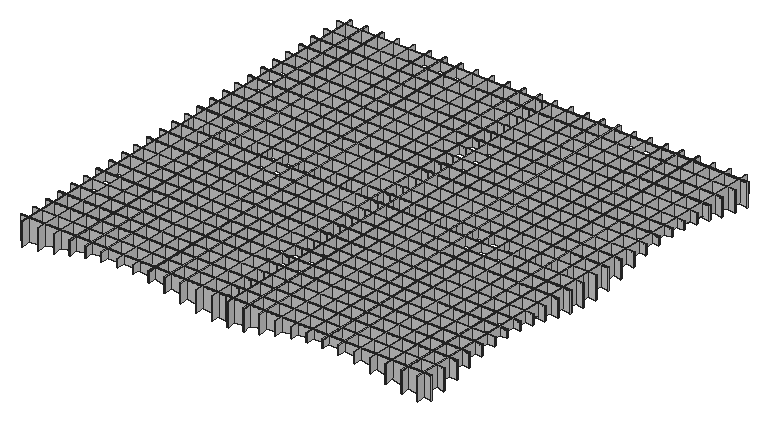
Revit family "CLD-WFL-002_RFA", category Modelos genéricos, Revit 2022 (continued)
Forms (in)
  Extrusion 186, solid, not visible
    sketch origin (28.83678, 104.20833, 0) x (0, -1, 0) y (0, 0, 1)
      loop
        spline (12.69122, 5.42966) -> (13.34952, 5.43128) -> (14.00673, 5.42829) -> (14.66285, 5.42076) -> (15.31792, 5.40886) -> (15.97202, 5.39278) -> (16.62518, 5.37269) -> (17.27747, 5.34877) -> (17.92894, 5.32119) -> (18.57965, 5.29014) -> (19.22966, 5.2558) -> (19.87902, 5.21833) -> (20.52778, 5.17793)
        spline (20.52778, 5.17793) -> (21.26115, 5.12722) -> (21.99402, 5.0737) -> (22.72645, 5.01759) -> (23.45851, 4.95908) -> (24.19025, 4.89838) -> (24.92176, 4.8357) -> (25.65308, 4.77124) -> (26.38429, 4.70521) -> (27.11544, 4.63782) -> (27.84661, 4.56926) -> (28.57785, 4.49975) -> (29.30922, 4.42949)
        spline (29.30922, 4.42949) -> (29.95995, 4.366) -> (30.61094, 4.30234) -> (31.26223, 4.2387) -> (31.91387, 4.17525) -> (32.56591, 4.11218) -> (33.21841, 4.04966) -> (33.87141, 3.98789) -> (34.52497, 3.92703) -> (35.17914, 3.86728) -> (35.83396, 3.80881) -> (36.48949, 3.75181) -> (37.14578, 3.69645)
        spline (37.14578, 3.69645) -> (37.87194, 3.63892) -> (38.59907, 3.58371) -> (39.32723, 3.53102) -> (40.05647, 3.48105) -> (40.78684, 3.43397) -> (41.51831, 3.38979) -> (42.25083, 3.34845) -> (42.98434, 3.30989) -> (43.7188, 3.27405) -> (44.45413, 3.24086) -> (45.19029, 3.21027) -> (45.92722, 3.18221)
        spline (45.92722, 3.18221) -> (46.57816, 3.16116) -> (47.22964, 3.14217) -> (47.88162, 3.12519) -> (48.53404, 3.11017) -> (49.18687, 3.09705) -> (49.84004, 3.08579) -> (50.49352, 3.07632) -> (51.14725, 3.06859) -> (51.80119, 3.06255) -> (52.45529, 3.05816) -> (53.1095, 3.05535) -> (53.76378, 3.05407)
        spline (53.76378, 3.05407) -> (54.49695, 3.0556) -> (55.23004, 3.05885) -> (55.96301, 3.06387) -> (56.6958, 3.07073) -> (57.42836, 3.07948) -> (58.16062, 3.09019) -> (58.89255, 3.10292) -> (59.62409, 3.11771) -> (60.35517, 3.13464) -> (61.08576, 3.15376) -> (61.81579, 3.17514) -> (62.54522, 3.19882)
        spline (62.54522, 3.19882) -> (63.20286, 3.22386) -> (63.85981, 3.25117) -> (64.51602, 3.28078) -> (65.17144, 3.31277) -> (65.82603, 3.34719) -> (66.47973, 3.38408) -> (67.1325, 3.42351) -> (67.78428, 3.46553) -> (68.43505, 3.51013) -> (69.08486, 3.55715) -> (69.73376, 3.60642) -> (70.38178, 3.65777)
        spline (70.38178, 3.65777) -> (71.1172, 3.71948) -> (71.85176, 3.78304) -> (72.58554, 3.84824) -> (73.31858, 3.91488) -> (74.05094, 3.98275) -> (74.78268, 4.05166) -> (75.51385, 4.12139) -> (76.24452, 4.19176) -> (76.97473, 4.26254) -> (77.70455, 4.33354) -> (78.43403, 4.40456) -> (79.16322, 4.47539)
        spline (79.16322, 4.47539) -> (79.80403, 4.53723) -> (80.44473, 4.59841) -> (81.08536, 4.65876) -> (81.72599, 4.7181) -> (82.36666, 4.77623) -> (83.00743, 4.83299) -> (83.64836, 4.88819) -> (84.28951, 4.94166) -> (84.93093, 4.9932) -> (85.57267, 5.04265) -> (86.21481, 5.08982) -> (86.85738, 5.13453)
        spline (86.85738, 5.13453) -> (87.59614, 5.18092) -> (88.33559, 5.22395) -> (89.07577, 5.26344) -> (89.81676, 5.29917) -> (90.55862, 5.33094) -> (91.30141, 5.35856) -> (92.04519, 5.38181) -> (92.79004, 5.4005) -> (93.53601, 5.41442) -> (94.28316, 5.42338) -> (95.03157, 5.42716) -> (95.78122, 5.4257)
        spline (95.78122, 5.4257) -> (96.43065, 5.41648) -> (97.08095, 5.40294) -> (97.73207, 5.38513) -> (98.38393, 5.36311) -> (99.03648, 5.33693) -> (99.68963, 5.30665) -> (100.34334, 5.27231) -> (100.99753, 5.23398) -> (101.65213, 5.19169) -> (102.30709, 5.14552) -> (102.96233, 5.09551) -> (103.61778, 5.04172)
        spline (103.61778, 5.04172) -> (103.98301, 5.00943) -> (104.34827, 4.97613) -> (104.71354, 4.94182) -> (105.07881, 4.90651) -> (105.44407, 4.8702) -> (105.80932, 4.83291) -> (106.17455, 4.79465) -> (106.53974, 4.75541) -> (106.90489, 4.71521) -> (107.26999, 4.67406) -> (107.63503, 4.63196) -> (108, 4.58891)
        line (108, 4.58891) -> (108, 11.82144)
    from -0.47244 to 0
  Extrusion 187, solid, not visible
    sketch origin (37.02767, 104.20833, 0) x (0, -1, 0) y (0, 0, 1)
      loop
        line (108, 11.82144) -> (0, 11.82144) -> (0, 6.40455)
        spline (0, 6.40455) -> (0.32561, 6.42139) -> (0.65129, 6.43729) -> (0.97702, 6.45226) -> (1.3028, 6.46628) -> (1.62862, 6.47935) -> (1.95447, 6.49146) -> (2.28035, 6.50259) -> (2.60624, 6.51274) -> (2.93213, 6.52189) -> (3.25803, 6.53005) -> (3.58391, 6.5372) -> (3.90978, 6.54334)
        spline (3.90978, 6.54334) -> (4.64427, 6.55011) -> (5.37852, 6.55208) -> (6.11244, 6.54917) -> (6.84598, 6.5413) -> (7.57905, 6.52839) -> (8.31157, 6.51035) -> (9.04349, 6.4871) -> (9.77471, 6.45856) -> (10.50517, 6.42465) -> (11.23479, 6.38528) -> (11.9635, 6.34038) -> (12.69122, 6.28985)
        spline (12.69122, 6.28985) -> (13.34952, 6.23514) -> (14.00673, 6.17505) -> (14.66285, 6.10968) -> (15.31792, 6.03926) -> (15.97202, 5.96405) -> (16.62518, 5.88427) -> (17.27747, 5.80017) -> (17.92894, 5.712) -> (18.57965, 5.62) -> (19.22966, 5.52441) -> (19.87902, 5.42547) -> (20.52778, 5.32343)
        spline (20.52778, 5.32343) -> (21.26115, 5.20293) -> (21.99402, 5.07965) -> (22.72645, 4.95385) -> (23.4585, 4.82583) -> (24.19025, 4.69586) -> (24.92176, 4.56423) -> (25.65308, 4.43121) -> (26.38429, 4.29709) -> (27.11544, 4.16214) -> (27.84661, 4.02665) -> (28.57785, 3.8909) -> (29.30922, 3.75516)
        spline (29.30922, 3.75516) -> (29.95995, 3.63466) -> (30.61094, 3.51485) -> (31.26223, 3.39599) -> (31.91387, 3.2783) -> (32.56591, 3.16206) -> (33.21841, 3.04749) -> (33.87141, 2.93486) -> (34.52497, 2.8244) -> (35.17914, 2.71637) -> (35.83396, 2.61101) -> (36.48949, 2.50857) -> (37.14578, 2.4093)
        spline (37.14578, 2.4093) -> (37.87194, 2.30632) -> (38.59907, 2.20751) -> (39.32723, 2.11315) -> (40.05647, 2.02349) -> (40.78684, 1.93878) -> (41.51831, 1.85902) -> (42.25083, 1.78415) -> (42.98434, 1.71406) -> (43.71879, 1.64869) -> (44.45413, 1.58794) -> (45.19029, 1.53174) -> (45.92722, 1.47999)
        spline (45.92722, 1.47999) -> (46.57816, 1.44092) -> (47.22964, 1.40553) -> (47.88162, 1.37376) -> (48.53404, 1.34552) -> (49.18687, 1.32076) -> (49.84004, 1.2994) -> (50.49352, 1.28136) -> (51.14725, 1.26658) -> (51.80119, 1.25497) -> (52.45529, 1.24648) -> (53.1095, 1.24101) -> (53.76378, 1.23852)
        spline (53.76378, 1.23852) -> (54.49695, 1.24145) -> (55.23005, 1.2477) -> (55.96302, 1.25736) -> (56.69581, 1.2705) -> (57.42836, 1.2872) -> (58.16063, 1.30755) -> (58.89256, 1.33163) -> (59.62409, 1.35951) -> (60.35518, 1.39128) -> (61.08577, 1.42702) -> (61.8158, 1.46681) -> (62.54522, 1.51073)
        spline (62.54522, 1.51073) -> (63.20286, 1.5569) -> (63.85981, 1.60706) -> (64.51602, 1.66127) -> (65.17144, 1.7196) -> (65.82603, 1.78214) -> (66.47973, 1.84896) -> (67.1325, 1.92013) -> (67.78428, 1.99572) -> (68.43505, 2.07573) -> (69.08486, 2.15994) -> (69.73376, 2.24811) -> (70.38178, 2.34001)
        spline (70.38178, 2.34001) -> (71.11719, 2.45082) -> (71.85175, 2.56518) -> (72.58552, 2.6828) -> (73.31856, 2.80343) -> (74.05092, 2.92677) -> (74.78266, 3.05256) -> (75.51384, 3.1805) -> (76.2445, 3.31033) -> (76.97472, 3.44177) -> (77.70454, 3.57454) -> (78.43402, 3.70836) -> (79.16322, 3.84296)
        spline (79.16322, 3.84296) -> (79.81589, 3.96449) -> (80.46845, 4.08604) -> (81.12094, 4.20735) -> (81.77342, 4.32817) -> (82.42595, 4.44826) -> (83.07858, 4.56736) -> (83.73137, 4.68523) -> (84.38439, 4.80161) -> (85.03768, 4.91625) -> (85.6913, 5.02891) -> (86.34531, 5.13933) -> (86.99978, 5.24726)
        spline (86.99978, 5.24726) -> (87.72678, 5.36123) -> (88.45444, 5.47173) -> (89.18283, 5.57848) -> (89.91201, 5.68121) -> (90.64203, 5.77964) -> (91.37298, 5.87351) -> (92.10489, 5.96254) -> (92.83785, 6.04646) -> (93.5719, 6.125) -> (94.30712, 6.19789) -> (95.04356, 6.26486) -> (95.78122, 6.32579)
        spline (95.78122, 6.32579) -> (96.46987, 6.37175) -> (97.15943, 6.41238) -> (97.84985, 6.44778) -> (98.54104, 6.47801) -> (99.23294, 6.50316) -> (99.92548, 6.5233) -> (100.61859, 6.53851) -> (101.3122, 6.54886) -> (102.00624, 6.55445) -> (102.70063, 6.55534) -> (103.39532, 6.55161) -> (104.09022, 6.54334)
        spline (104.09022, 6.54334) -> (104.41609, 6.5372) -> (104.74197, 6.53005) -> (105.06787, 6.52189) -> (105.39376, 6.51274) -> (105.71965, 6.50259) -> (106.04553, 6.49146) -> (106.37138, 6.47935) -> (106.6972, 6.46628) -> (107.02298, 6.45226) -> (107.34871, 6.43729) -> (107.67439, 6.42139) -> (108, 6.40455)
        line (108, 6.40455) -> (108, 11.82144)
    from -0.11811 to 0
  Extrusion 188, solid, not visible
    sketch origin (37.14578, 104.20833, 0) x (0, -1, 0) y (0, 0, 1)
      loop
        line (108, 11.82144) -> (0, 11.82144) -> (0, 6.40455)
        spline (0, 6.40455) -> (0.32561, 6.42139) -> (0.65129, 6.43729) -> (0.97702, 6.45226) -> (1.3028, 6.46628) -> (1.62862, 6.47935) -> (1.95447, 6.49146) -> (2.28035, 6.50259) -> (2.60624, 6.51274) -> (2.93213, 6.52189) -> (3.25803, 6.53005) -> (3.58391, 6.5372) -> (3.90978, 6.54334)
        spline (3.90978, 6.54334) -> (4.64427, 6.55011) -> (5.37852, 6.55208) -> (6.11244, 6.54917) -> (6.84598, 6.5413) -> (7.57905, 6.52839) -> (8.31157, 6.51035) -> (9.04349, 6.4871) -> (9.77471, 6.45856) -> (10.50517, 6.42465) -> (11.23479, 6.38528) -> (11.9635, 6.34038) -> (12.69122, 6.28985)
        spline (12.69122, 6.28985) -> (13.34952, 6.23514) -> (14.00673, 6.17505) -> (14.66285, 6.10968) -> (15.31792, 6.03926) -> (15.97202, 5.96405) -> (16.62518, 5.88427) -> (17.27747, 5.80017) -> (17.92894, 5.712) -> (18.57965, 5.62) -> (19.22966, 5.52441) -> (19.87902, 5.42547) -> (20.52778, 5.32343)
        spline (20.52778, 5.32343) -> (21.26115, 5.20293) -> (21.99402, 5.07965) -> (22.72645, 4.95385) -> (23.4585, 4.82583) -> (24.19025, 4.69586) -> (24.92176, 4.56423) -> (25.65308, 4.43121) -> (26.38429, 4.29709) -> (27.11544, 4.16214) -> (27.84661, 4.02665) -> (28.57785, 3.8909) -> (29.30922, 3.75516)
        spline (29.30922, 3.75516) -> (29.95995, 3.63466) -> (30.61094, 3.51485) -> (31.26223, 3.39599) -> (31.91387, 3.2783) -> (32.56591, 3.16206) -> (33.21841, 3.04749) -> (33.87141, 2.93486) -> (34.52497, 2.8244) -> (35.17914, 2.71637) -> (35.83396, 2.61101) -> (36.48949, 2.50857) -> (37.14578, 2.4093)
        spline (37.14578, 2.4093) -> (37.87194, 2.30632) -> (38.59907, 2.20751) -> (39.32723, 2.11315) -> (40.05647, 2.02349) -> (40.78684, 1.93878) -> (41.51831, 1.85902) -> (42.25083, 1.78415) -> (42.98434, 1.71406) -> (43.71879, 1.64869) -> (44.45413, 1.58794) -> (45.19029, 1.53174) -> (45.92722, 1.47999)
        spline (45.92722, 1.47999) -> (46.57816, 1.44092) -> (47.22964, 1.40553) -> (47.88162, 1.37376) -> (48.53404, 1.34552) -> (49.18687, 1.32076) -> (49.84004, 1.2994) -> (50.49352, 1.28136) -> (51.14725, 1.26658) -> (51.80119, 1.25497) -> (52.45529, 1.24648) -> (53.1095, 1.24101) -> (53.76378, 1.23852)
        spline (53.76378, 1.23852) -> (54.49695, 1.24145) -> (55.23005, 1.2477) -> (55.96302, 1.25736) -> (56.69581, 1.2705) -> (57.42836, 1.2872) -> (58.16063, 1.30755) -> (58.89256, 1.33163) -> (59.62409, 1.35951) -> (60.35518, 1.39128) -> (61.08577, 1.42702) -> (61.8158, 1.46681) -> (62.54522, 1.51073)
        spline (62.54522, 1.51073) -> (63.20286, 1.5569) -> (63.85981, 1.60706) -> (64.51602, 1.66127) -> (65.17144, 1.7196) -> (65.82603, 1.78214) -> (66.47973, 1.84896) -> (67.1325, 1.92013) -> (67.78428, 1.99572) -> (68.43505, 2.07573) -> (69.08486, 2.15994) -> (69.73376, 2.24811) -> (70.38178, 2.34001)
        spline (70.38178, 2.34001) -> (71.11719, 2.45082) -> (71.85175, 2.56518) -> (72.58552, 2.6828) -> (73.31856, 2.80343) -> (74.05092, 2.92677) -> (74.78266, 3.05256) -> (75.51384, 3.1805) -> (76.2445, 3.31033) -> (76.97472, 3.44177) -> (77.70454, 3.57454) -> (78.43402, 3.70836) -> (79.16322, 3.84296)
        spline (79.16322, 3.84296) -> (79.81589, 3.96449) -> (80.46845, 4.08604) -> (81.12094, 4.20735) -> (81.77342, 4.32817) -> (82.42595, 4.44826) -> (83.07858, 4.56736) -> (83.73137, 4.68523) -> (84.38439, 4.80161) -> (85.03768, 4.91625) -> (85.6913, 5.02891) -> (86.34531, 5.13933) -> (86.99978, 5.24726)
        spline (86.99978, 5.24726) -> (87.72678, 5.36123) -> (88.45444, 5.47173) -> (89.18283, 5.57848) -> (89.91201, 5.68121) -> (90.64203, 5.77964) -> (91.37298, 5.87351) -> (92.10489, 5.96254) -> (92.83785, 6.04646) -> (93.5719, 6.125) -> (94.30712, 6.19789) -> (95.04356, 6.26486) -> (95.78122, 6.32579)
        spline (95.78122, 6.32579) -> (96.46987, 6.37175) -> (97.15943, 6.41238) -> (97.84985, 6.44778) -> (98.54104, 6.47801) -> (99.23294, 6.50316) -> (99.92548, 6.5233) -> (100.61859, 6.53851) -> (101.3122, 6.54886) -> (102.00624, 6.55445) -> (102.70063, 6.55534) -> (103.39532, 6.55161) -> (104.09022, 6.54334)
        spline (104.09022, 6.54334) -> (104.41609, 6.5372) -> (104.74197, 6.53005) -> (105.06787, 6.52189) -> (105.39376, 6.51274) -> (105.71965, 6.50259) -> (106.04553, 6.49146) -> (106.37138, 6.47935) -> (106.6972, 6.46628) -> (107.02298, 6.45226) -> (107.34871, 6.43729) -> (107.67439, 6.42139) -> (108, 6.40455)
        line (108, 6.40455) -> (108, 11.82144)
    from -0.47244 to 0
  Extrusion 189, solid, not visible
    sketch origin (45.33667, 104.20833, 0) x (0, -1, 0) y (0, 0, 1)
      loop
        line (108, 11.82144) -> (0, 11.82144) -> (0, 7.49745)
        spline (0, 7.49745) -> (0.32561, 7.50061) -> (0.65129, 7.5028) -> (0.97702, 7.504) -> (1.3028, 7.50421) -> (1.62862, 7.5034) -> (1.95447, 7.50158) -> (2.28035, 7.49874) -> (2.60624, 7.49485) -> (2.93213, 7.48991) -> (3.25803, 7.48392) -> (3.58391, 7.47685) -> (3.90978, 7.46871)
        spline (3.90978, 7.46871) -> (4.64427, 7.44283) -> (5.37852, 7.41184) -> (6.11245, 7.37564) -> (6.84598, 7.33415) -> (7.57905, 7.28726) -> (8.31158, 7.23488) -> (9.04349, 7.17692) -> (9.77471, 7.11327) -> (10.50517, 7.04386) -> (11.23479, 6.96857) -> (11.9635, 6.88732) -> (12.69122, 6.80001)
        spline (12.69122, 6.80001) -> (13.34456, 6.71191) -> (13.99682, 6.61804) -> (14.64799, 6.5185) -> (15.29813, 6.41358) -> (15.94729, 6.30354) -> (16.59553, 6.18867) -> (17.2429, 6.06925) -> (17.88946, 5.94556) -> (18.53527, 5.81787) -> (19.18038, 5.68647) -> (19.82484, 5.55162) -> (20.46871, 5.41362)
        spline (20.46871, 5.41362) -> (21.20701, 5.25043) -> (21.94481, 5.08446) -> (22.68216, 4.91603) -> (23.41914, 4.74548) -> (24.15581, 4.57314) -> (24.89224, 4.39932) -> (25.62848, 4.22436) -> (26.36461, 4.04857) -> (27.10068, 3.8723) -> (27.83677, 3.69586) -> (28.57293, 3.51959) -> (29.30922, 3.3438)
        spline (29.30922, 3.3438) -> (29.95995, 3.18922) -> (30.61094, 3.03586) -> (31.26223, 2.884) -> (31.91387, 2.73392) -> (32.56591, 2.58591) -> (33.21841, 2.44027) -> (33.87141, 2.29726) -> (34.52497, 2.15719) -> (35.17914, 2.02034) -> (35.83396, 1.88699) -> (36.48949, 1.75744) -> (37.14578, 1.63196)
        spline (37.14578, 1.63196) -> (37.87194, 1.50186) -> (38.59907, 1.37703) -> (39.32723, 1.25779) -> (40.05647, 1.14445) -> (40.78684, 1.03728) -> (41.51831, 0.93629) -> (42.25083, 0.84139) -> (42.98434, 0.75249) -> (43.71879, 0.66948) -> (44.45413, 0.59228) -> (45.19029, 0.52078) -> (45.92722, 0.45488)
        spline (45.92722, 0.45488) -> (46.57816, 0.40504) -> (47.22964, 0.35985) -> (47.88162, 0.31924) -> (48.53404, 0.28312) -> (49.18687, 0.2514) -> (49.84004, 0.224) -> (50.49352, 0.20084) -> (51.14725, 0.18183) -> (51.80119, 0.1669) -> (52.45529, 0.15595) -> (53.1095, 0.14891) -> (53.76378, 0.14568)
        spline (53.76378, 0.14568) -> (54.49695, 0.14945) -> (55.23005, 0.1575) -> (55.96302, 0.16993) -> (56.69581, 0.18682) -> (57.42837, 0.20828) -> (58.16064, 0.23439) -> (58.89257, 0.26525) -> (59.6241, 0.30095) -> (60.35518, 0.34158) -> (61.08577, 0.38725) -> (61.8158, 0.43804) -> (62.54522, 0.49405)
        spline (62.54522, 0.49405) -> (63.20286, 0.55285) -> (63.85981, 0.61666) -> (64.51602, 0.68555) -> (65.17144, 0.75961) -> (65.82603, 0.83894) -> (66.47973, 0.92362) -> (67.1325, 1.01374) -> (67.78428, 1.10938) -> (68.43505, 1.21052) -> (69.08486, 1.31692) -> (69.73376, 1.42831) -> (70.38178, 1.54441)
        spline (70.38178, 1.54441) -> (71.11719, 1.68452) -> (71.85174, 1.82919) -> (72.58551, 1.97812) -> (73.31855, 2.13097) -> (74.05091, 2.28743) -> (74.78265, 2.44718) -> (75.51383, 2.60988) -> (76.24449, 2.77524) -> (76.97471, 2.94291) -> (77.70453, 3.11258) -> (78.43402, 3.28394) -> (79.16322, 3.45665)
        spline (79.16322, 3.45665) -> (79.81589, 3.61318) -> (80.46845, 3.77015) -> (81.12094, 3.92726) -> (81.77342, 4.08422) -> (82.42595, 4.24075) -> (83.07858, 4.39655) -> (83.73137, 4.55134) -> (84.38439, 4.70482) -> (85.03768, 4.85671) -> (85.6913, 5.00672) -> (86.34531, 5.15455) -> (86.99978, 5.29992)
        spline (86.99978, 5.29992) -> (87.72678, 5.4553) -> (88.45445, 5.60712) -> (89.18284, 5.75506) -> (89.91202, 5.8988) -> (90.64204, 6.03803) -> (91.37299, 6.17243) -> (92.1049, 6.3017) -> (92.83786, 6.42551) -> (93.57191, 6.54354) -> (94.30712, 6.6555) -> (95.04356, 6.76106) -> (95.78122, 6.8601)
        spline (95.78122, 6.8601) -> (96.43065, 6.93786) -> (97.08095, 7.01021) -> (97.73207, 7.07724) -> (98.38393, 7.13903) -> (99.03648, 7.19567) -> (99.68963, 7.24723) -> (100.34334, 7.29382) -> (100.99753, 7.33551) -> (101.65213, 7.37238) -> (102.30709, 7.40452) -> (102.96233, 7.43202) -> (103.61778, 7.45496)
        spline (103.61778, 7.45496) -> (103.98301, 7.46494) -> (104.34826, 7.47372) -> (104.71353, 7.4813) -> (105.0788, 7.48768) -> (105.44406, 7.4929) -> (105.80931, 7.49695) -> (106.17454, 7.49984) -> (106.53973, 7.5016) -> (106.90488, 7.50223) -> (107.26998, 7.50173) -> (107.63503, 7.50014) -> (108, 7.49745)
        line (108, 7.49745) -> (108, 11.82144)
    from -0.11811 to 0
  Extrusion 190, solid, not visible
    sketch origin (45.45478, 104.20833, 0) x (0, -1, 0) y (0, 0, 1)
      loop
        line (108, 11.82144) -> (0, 11.82144) -> (0, 7.49745)
        spline (0, 7.49745) -> (0.32561, 7.50061) -> (0.65129, 7.5028) -> (0.97702, 7.504) -> (1.3028, 7.50421) -> (1.62862, 7.5034) -> (1.95447, 7.50158) -> (2.28035, 7.49874) -> (2.60624, 7.49485) -> (2.93213, 7.48991) -> (3.25803, 7.48392) -> (3.58391, 7.47685) -> (3.90978, 7.46871)
        spline (3.90978, 7.46871) -> (4.64427, 7.44283) -> (5.37852, 7.41184) -> (6.11245, 7.37564) -> (6.84598, 7.33415) -> (7.57905, 7.28726) -> (8.31158, 7.23488) -> (9.04349, 7.17692) -> (9.77471, 7.11327) -> (10.50517, 7.04386) -> (11.23479, 6.96857) -> (11.9635, 6.88732) -> (12.69122, 6.80001)
        spline (12.69122, 6.80001) -> (13.34456, 6.71191) -> (13.99682, 6.61804) -> (14.64799, 6.5185) -> (15.29813, 6.41358) -> (15.94729, 6.30354) -> (16.59553, 6.18867) -> (17.2429, 6.06925) -> (17.88946, 5.94556) -> (18.53527, 5.81787) -> (19.18038, 5.68647) -> (19.82484, 5.55162) -> (20.46871, 5.41362)
        spline (20.46871, 5.41362) -> (21.20701, 5.25043) -> (21.94481, 5.08446) -> (22.68216, 4.91603) -> (23.41914, 4.74548) -> (24.15581, 4.57314) -> (24.89224, 4.39932) -> (25.62848, 4.22436) -> (26.36461, 4.04857) -> (27.10068, 3.8723) -> (27.83677, 3.69586) -> (28.57293, 3.51959) -> (29.30922, 3.3438)
        spline (29.30922, 3.3438) -> (29.95995, 3.18922) -> (30.61094, 3.03586) -> (31.26223, 2.884) -> (31.91387, 2.73392) -> (32.56591, 2.58591) -> (33.21841, 2.44027) -> (33.87141, 2.29726) -> (34.52497, 2.15719) -> (35.17914, 2.02034) -> (35.83396, 1.88699) -> (36.48949, 1.75744) -> (37.14578, 1.63196)
        spline (37.14578, 1.63196) -> (37.87194, 1.50186) -> (38.59907, 1.37703) -> (39.32723, 1.25779) -> (40.05647, 1.14445) -> (40.78684, 1.03728) -> (41.51831, 0.93629) -> (42.25083, 0.84139) -> (42.98434, 0.75249) -> (43.71879, 0.66948) -> (44.45413, 0.59228) -> (45.19029, 0.52078) -> (45.92722, 0.45488)
        spline (45.92722, 0.45488) -> (46.57816, 0.40504) -> (47.22964, 0.35985) -> (47.88162, 0.31924) -> (48.53404, 0.28312) -> (49.18687, 0.2514) -> (49.84004, 0.224) -> (50.49352, 0.20084) -> (51.14725, 0.18183) -> (51.80119, 0.1669) -> (52.45529, 0.15595) -> (53.1095, 0.14891) -> (53.76378, 0.14568)
        spline (53.76378, 0.14568) -> (54.49695, 0.14945) -> (55.23005, 0.1575) -> (55.96302, 0.16993) -> (56.69581, 0.18682) -> (57.42837, 0.20828) -> (58.16064, 0.23439) -> (58.89257, 0.26525) -> (59.6241, 0.30095) -> (60.35518, 0.34158) -> (61.08577, 0.38725) -> (61.8158, 0.43804) -> (62.54522, 0.49405)
        spline (62.54522, 0.49405) -> (63.20286, 0.55285) -> (63.85981, 0.61666) -> (64.51602, 0.68555) -> (65.17144, 0.75961) -> (65.82603, 0.83894) -> (66.47973, 0.92362) -> (67.1325, 1.01374) -> (67.78428, 1.10938) -> (68.43505, 1.21052) -> (69.08486, 1.31692) -> (69.73376, 1.42831) -> (70.38178, 1.54441)
        spline (70.38178, 1.54441) -> (71.11719, 1.68452) -> (71.85174, 1.82919) -> (72.58551, 1.97812) -> (73.31855, 2.13097) -> (74.05091, 2.28743) -> (74.78265, 2.44718) -> (75.51383, 2.60988) -> (76.24449, 2.77524) -> (76.97471, 2.94291) -> (77.70453, 3.11258) -> (78.43402, 3.28394) -> (79.16322, 3.45665)
        spline (79.16322, 3.45665) -> (79.81589, 3.61318) -> (80.46845, 3.77015) -> (81.12094, 3.92726) -> (81.77342, 4.08422) -> (82.42595, 4.24075) -> (83.07858, 4.39655) -> (83.73137, 4.55134) -> (84.38439, 4.70482) -> (85.03768, 4.85671) -> (85.6913, 5.00672) -> (86.34531, 5.15455) -> (86.99978, 5.29992)
        spline (86.99978, 5.29992) -> (87.72678, 5.4553) -> (88.45445, 5.60712) -> (89.18284, 5.75506) -> (89.91202, 5.8988) -> (90.64204, 6.03803) -> (91.37299, 6.17243) -> (92.1049, 6.3017) -> (92.83786, 6.42551) -> (93.57191, 6.54354) -> (94.30712, 6.6555) -> (95.04356, 6.76106) -> (95.78122, 6.8601)
        spline (95.78122, 6.8601) -> (96.43065, 6.93786) -> (97.08095, 7.01021) -> (97.73207, 7.07724) -> (98.38393, 7.13903) -> (99.03648, 7.19567) -> (99.68963, 7.24723) -> (100.34334, 7.29382) -> (100.99753, 7.33551) -> (101.65213, 7.37238) -> (102.30709, 7.40452) -> (102.96233, 7.43202) -> (103.61778, 7.45496)
        spline (103.61778, 7.45496) -> (103.98301, 7.46494) -> (104.34826, 7.47372) -> (104.71353, 7.4813) -> (105.0788, 7.48768) -> (105.44406, 7.4929) -> (105.80931, 7.49695) -> (106.17454, 7.49984) -> (106.53973, 7.5016) -> (106.90488, 7.50223) -> (107.26998, 7.50173) -> (107.63503, 7.50014) -> (108, 7.49745)
        line (108, 7.49745) -> (108, 11.82144)
    from -0.47244 to 0
  Extrusion 191, solid, not visible
    sketch origin (53.64567, 104.20833, 0) x (0, -1, 0) y (0, 0, 1)
      loop
        line (108, 11.82144) -> (0, 11.82144) -> (0, 7.82144)
        spline (0, 7.82144) -> (0.32561, 7.82095) -> (0.65129, 7.81946) -> (0.97702, 7.81696) -> (1.3028, 7.81344) -> (1.62862, 7.80889) -> (1.95447, 7.8033) -> (2.28035, 7.79666) -> (2.60624, 7.78896) -> (2.93213, 7.78018) -> (3.25803, 7.77032) -> (3.58391, 7.75937) -> (3.90978, 7.74731)
        spline (3.90978, 7.74731) -> (4.64427, 7.71242) -> (5.37852, 7.6723) -> (6.11245, 7.62684) -> (6.84598, 7.57595) -> (7.57905, 7.51952) -> (8.31158, 7.45747) -> (9.04349, 7.38968) -> (9.77471, 7.31607) -> (10.50517, 7.23653) -> (11.23479, 7.15095) -> (11.9635, 7.05926) -> (12.69122, 6.96133)
        spline (12.69122, 6.96133) -> (13.34952, 6.86267) -> (14.00673, 6.75803) -> (14.66285, 6.64752) -> (15.31792, 6.53144) -> (15.97202, 6.41007) -> (16.62518, 6.28371) -> (17.27747, 6.15266) -> (17.92894, 6.0172) -> (18.57965, 5.87763) -> (19.22966, 5.73424) -> (19.87902, 5.58733) -> (20.52778, 5.43719)
        spline (20.52778, 5.43719) -> (21.26115, 5.26223) -> (21.99402, 5.08449) -> (22.72645, 4.90432) -> (23.4585, 4.72204) -> (24.19025, 4.53802) -> (24.92176, 4.35257) -> (25.65308, 4.16604) -> (26.38429, 3.97878) -> (27.11545, 3.79111) -> (27.84661, 3.60337) -> (28.57785, 3.41592) -> (29.30922, 3.22908)
        spline (29.30922, 3.22908) -> (29.95995, 3.06408) -> (30.61094, 2.90045) -> (31.26223, 2.73848) -> (31.91387, 2.57847) -> (32.56591, 2.42072) -> (33.21841, 2.26553) -> (33.87141, 2.1132) -> (34.52497, 1.96402) -> (35.17914, 1.81831) -> (35.83396, 1.67635) -> (36.48949, 1.53845) -> (37.14578, 1.4049)
        spline (37.14578, 1.4049) -> (37.87194, 1.26645) -> (38.59907, 1.13361) -> (39.32723, 1.00672) -> (40.05647, 0.88609) -> (40.78684, 0.772) -> (41.51831, 0.66448) -> (42.25083, 0.56343) -> (42.98434, 0.46874) -> (43.71879, 0.38032) -> (44.45413, 0.29806) -> (45.19029, 0.22187) -> (45.92722, 0.15163)
        spline (45.92722, 0.15163) -> (46.57816, 0.09849) -> (47.22964, 0.0503) -> (47.88162, 0.00698) -> (48.53404, -0.03156) -> (49.18687, -0.06541) -> (49.84004, -0.09465) -> (50.49352, -0.11938) -> (51.14725, -0.13967) -> (51.80119, -0.15563) -> (52.45529, -0.16732) -> (53.1095, -0.17485) -> (53.76378, -0.1783)
        spline (53.76378, -0.1783) -> (54.49695, -0.17427) -> (55.23005, -0.16567) -> (55.96302, -0.1524) -> (56.69581, -0.13436) -> (57.42837, -0.11145) -> (58.16064, -0.08358) -> (58.89257, -0.05065) -> (59.6241, -0.01255) -> (60.35519, 0.0308) -> (61.08577, 0.07951) -> (61.8158, 0.13367) -> (62.54522, 0.19339)
        spline (62.54522, 0.19339) -> (63.20286, 0.25606) -> (63.85981, 0.32405) -> (64.51602, 0.39745) -> (65.17144, 0.47635) -> (65.82603, 0.56084) -> (66.47973, 0.65101) -> (67.1325, 0.74696) -> (67.78428, 0.84876) -> (68.43505, 0.95641) -> (69.08486, 1.06964) -> (69.73376, 1.18818) -> (70.38178, 1.31173)
        spline (70.38178, 1.31173) -> (71.11718, 1.46086) -> (71.85174, 1.61486) -> (72.58551, 1.77342) -> (73.31855, 1.93618) -> (74.05091, 2.10281) -> (74.78265, 2.27299) -> (75.51382, 2.44637) -> (76.24449, 2.62262) -> (76.97471, 2.8014) -> (77.70453, 2.98238) -> (78.43402, 3.16522) -> (79.16322, 3.34958)
        spline (79.16322, 3.34958) -> (79.81589, 3.5168) -> (80.46845, 3.68457) -> (81.12094, 3.85259) -> (81.77342, 4.02055) -> (82.42595, 4.18815) -> (83.07858, 4.35509) -> (83.73137, 4.52107) -> (84.38439, 4.68578) -> (85.03768, 4.84892) -> (85.6913, 5.01019) -> (86.34531, 5.16929) -> (86.99978, 5.32592)
        spline (86.99978, 5.32592) -> (87.72678, 5.49371) -> (88.45445, 5.65788) -> (89.18284, 5.8181) -> (89.91202, 5.97405) -> (90.64205, 6.12539) -> (91.37299, 6.27179) -> (92.10491, 6.41294) -> (92.83786, 6.54849) -> (93.57191, 6.67812) -> (94.30713, 6.8015) -> (95.04356, 6.9183) -> (95.78122, 7.02841)
        spline (95.78122, 7.02841) -> (96.43065, 7.11563) -> (97.08095, 7.1973) -> (97.73207, 7.2735) -> (98.38393, 7.34432) -> (99.03648, 7.40985) -> (99.68963, 7.47018) -> (100.34334, 7.52539) -> (100.99753, 7.57558) -> (101.65213, 7.62083) -> (102.30709, 7.66123) -> (102.96233, 7.69687) -> (103.61778, 7.72784)
        spline (103.61778, 7.72784) -> (103.98301, 7.74223) -> (104.34826, 7.75539) -> (104.71352, 7.76731) -> (105.07879, 7.77803) -> (105.44406, 7.78753) -> (105.80931, 7.79585) -> (106.17453, 7.80299) -> (106.53973, 7.80897) -> (106.90488, 7.81379) -> (107.26998, 7.81746) -> (107.63503, 7.82001) -> (108, 7.82144)
        line (108, 7.82144) -> (108, 11.82144)
    from -0.11811 to 0
  Extrusion 192, solid, not visible
    sketch origin (53.76378, 104.20833, 0) x (0, -1, 0) y (0, 0, 1)
      loop
        line (108, 11.82144) -> (0, 11.82144) -> (0, 7.82144)
        spline (0, 7.82144) -> (0.32561, 7.82095) -> (0.65129, 7.81946) -> (0.97702, 7.81696) -> (1.3028, 7.81344) -> (1.62862, 7.80889) -> (1.95447, 7.8033) -> (2.28035, 7.79666) -> (2.60624, 7.78896) -> (2.93213, 7.78018) -> (3.25803, 7.77032) -> (3.58391, 7.75937) -> (3.90978, 7.74731)
        spline (3.90978, 7.74731) -> (4.64427, 7.71242) -> (5.37852, 7.6723) -> (6.11245, 7.62684) -> (6.84598, 7.57595) -> (7.57905, 7.51952) -> (8.31158, 7.45747) -> (9.04349, 7.38968) -> (9.77471, 7.31607) -> (10.50517, 7.23653) -> (11.23479, 7.15095) -> (11.9635, 7.05926) -> (12.69122, 6.96133)
        spline (12.69122, 6.96133) -> (13.34952, 6.86267) -> (14.00673, 6.75803) -> (14.66285, 6.64752) -> (15.31792, 6.53144) -> (15.97202, 6.41007) -> (16.62518, 6.28371) -> (17.27747, 6.15266) -> (17.92894, 6.0172) -> (18.57965, 5.87763) -> (19.22966, 5.73424) -> (19.87902, 5.58733) -> (20.52778, 5.43719)
        spline (20.52778, 5.43719) -> (21.26115, 5.26223) -> (21.99402, 5.08449) -> (22.72645, 4.90432) -> (23.4585, 4.72204) -> (24.19025, 4.53802) -> (24.92176, 4.35257) -> (25.65308, 4.16604) -> (26.38429, 3.97878) -> (27.11545, 3.79111) -> (27.84661, 3.60337) -> (28.57785, 3.41592) -> (29.30922, 3.22908)
        spline (29.30922, 3.22908) -> (29.95995, 3.06408) -> (30.61094, 2.90045) -> (31.26223, 2.73848) -> (31.91387, 2.57847) -> (32.56591, 2.42072) -> (33.21841, 2.26553) -> (33.87141, 2.1132) -> (34.52497, 1.96402) -> (35.17914, 1.81831) -> (35.83396, 1.67635) -> (36.48949, 1.53845) -> (37.14578, 1.4049)
        spline (37.14578, 1.4049) -> (37.87194, 1.26645) -> (38.59907, 1.13361) -> (39.32723, 1.00672) -> (40.05647, 0.88609) -> (40.78684, 0.772) -> (41.51831, 0.66448) -> (42.25083, 0.56343) -> (42.98434, 0.46874) -> (43.71879, 0.38032) -> (44.45413, 0.29806) -> (45.19029, 0.22187) -> (45.92722, 0.15163)
        spline (45.92722, 0.15163) -> (46.57816, 0.09849) -> (47.22964, 0.0503) -> (47.88162, 0.00698) -> (48.53404, -0.03156) -> (49.18687, -0.06541) -> (49.84004, -0.09465) -> (50.49352, -0.11938) -> (51.14725, -0.13967) -> (51.80119, -0.15563) -> (52.45529, -0.16732) -> (53.1095, -0.17485) -> (53.76378, -0.1783)
        spline (53.76378, -0.1783) -> (54.49695, -0.17427) -> (55.23005, -0.16567) -> (55.96302, -0.1524) -> (56.69581, -0.13436) -> (57.42837, -0.11145) -> (58.16064, -0.08358) -> (58.89257, -0.05065) -> (59.6241, -0.01255) -> (60.35519, 0.0308) -> (61.08577, 0.07951) -> (61.8158, 0.13367) -> (62.54522, 0.19339)
        spline (62.54522, 0.19339) -> (63.20286, 0.25606) -> (63.85981, 0.32405) -> (64.51602, 0.39745) -> (65.17144, 0.47635) -> (65.82603, 0.56084) -> (66.47973, 0.65101) -> (67.1325, 0.74696) -> (67.78428, 0.84876) -> (68.43505, 0.95641) -> (69.08486, 1.06964) -> (69.73376, 1.18818) -> (70.38178, 1.31173)
        spline (70.38178, 1.31173) -> (71.11718, 1.46086) -> (71.85174, 1.61486) -> (72.58551, 1.77342) -> (73.31855, 1.93618) -> (74.05091, 2.10281) -> (74.78265, 2.27299) -> (75.51382, 2.44637) -> (76.24449, 2.62262) -> (76.97471, 2.8014) -> (77.70453, 2.98238) -> (78.43402, 3.16522) -> (79.16322, 3.34958)
        spline (79.16322, 3.34958) -> (79.81589, 3.5168) -> (80.46845, 3.68457) -> (81.12094, 3.85259) -> (81.77342, 4.02055) -> (82.42595, 4.18815) -> (83.07858, 4.35509) -> (83.73137, 4.52107) -> (84.38439, 4.68578) -> (85.03768, 4.84892) -> (85.6913, 5.01019) -> (86.34531, 5.16929) -> (86.99978, 5.32592)
        spline (86.99978, 5.32592) -> (87.72678, 5.49371) -> (88.45445, 5.65788) -> (89.18284, 5.8181) -> (89.91202, 5.97405) -> (90.64205, 6.12539) -> (91.37299, 6.27179) -> (92.10491, 6.41294) -> (92.83786, 6.54849) -> (93.57191, 6.67812) -> (94.30713, 6.8015) -> (95.04356, 6.9183) -> (95.78122, 7.02841)
        spline (95.78122, 7.02841) -> (96.43065, 7.11563) -> (97.08095, 7.1973) -> (97.73207, 7.2735) -> (98.38393, 7.34432) -> (99.03648, 7.40985) -> (99.68963, 7.47018) -> (100.34334, 7.52539) -> (100.99753, 7.57558) -> (101.65213, 7.62083) -> (102.30709, 7.66123) -> (102.96233, 7.69687) -> (103.61778, 7.72784)
        spline (103.61778, 7.72784) -> (103.98301, 7.74223) -> (104.34826, 7.75539) -> (104.71352, 7.76731) -> (105.07879, 7.77803) -> (105.44406, 7.78753) -> (105.80931, 7.79585) -> (106.17453, 7.80299) -> (106.53973, 7.80897) -> (106.90488, 7.81379) -> (107.26998, 7.81746) -> (107.63503, 7.82001) -> (108, 7.82144)
        line (108, 7.82144) -> (108, 11.82144)
    from -0.47244 to 0
  Extrusion 193, solid, not visible
    sketch origin (54.23622, 104.20833, 0) x (0, -1, 0) y (0, 0, 1)
      loop
        line (108, 11.82144) -> (0, 11.82144) -> (0, 7.82144)
        spline (0, 7.82144) -> (0.32561, 7.82095) -> (0.65129, 7.81946) -> (0.97702, 7.81696) -> (1.3028, 7.81344) -> (1.62862, 7.80889) -> (1.95447, 7.8033) -> (2.28035, 7.79666) -> (2.60624, 7.78896) -> (2.93213, 7.78018) -> (3.25803, 7.77032) -> (3.58391, 7.75937) -> (3.90978, 7.74731)
        spline (3.90978, 7.74731) -> (4.64427, 7.71242) -> (5.37852, 7.6723) -> (6.11245, 7.62684) -> (6.84598, 7.57595) -> (7.57905, 7.51952) -> (8.31158, 7.45747) -> (9.04349, 7.38968) -> (9.77471, 7.31607) -> (10.50517, 7.23653) -> (11.23479, 7.15095) -> (11.9635, 7.05926) -> (12.69122, 6.96133)
        spline (12.69122, 6.96133) -> (13.34952, 6.86267) -> (14.00673, 6.75803) -> (14.66285, 6.64752) -> (15.31792, 6.53144) -> (15.97202, 6.41007) -> (16.62518, 6.28371) -> (17.27747, 6.15266) -> (17.92894, 6.0172) -> (18.57965, 5.87763) -> (19.22966, 5.73424) -> (19.87902, 5.58733) -> (20.52778, 5.43719)
        spline (20.52778, 5.43719) -> (21.26115, 5.26223) -> (21.99402, 5.08449) -> (22.72645, 4.90432) -> (23.4585, 4.72204) -> (24.19025, 4.53802) -> (24.92176, 4.35257) -> (25.65308, 4.16604) -> (26.38429, 3.97878) -> (27.11545, 3.79111) -> (27.84661, 3.60337) -> (28.57785, 3.41592) -> (29.30922, 3.22908)
        spline (29.30922, 3.22908) -> (29.95995, 3.06408) -> (30.61094, 2.90045) -> (31.26223, 2.73848) -> (31.91387, 2.57847) -> (32.56591, 2.42072) -> (33.21841, 2.26553) -> (33.87141, 2.1132) -> (34.52497, 1.96402) -> (35.17914, 1.81831) -> (35.83396, 1.67635) -> (36.48949, 1.53845) -> (37.14578, 1.4049)
        spline (37.14578, 1.4049) -> (37.87194, 1.26645) -> (38.59907, 1.13361) -> (39.32723, 1.00672) -> (40.05647, 0.88609) -> (40.78684, 0.772) -> (41.51831, 0.66448) -> (42.25083, 0.56343) -> (42.98434, 0.46874) -> (43.71879, 0.38032) -> (44.45413, 0.29806) -> (45.19029, 0.22187) -> (45.92722, 0.15163)
        spline (45.92722, 0.15163) -> (46.57816, 0.09849) -> (47.22964, 0.0503) -> (47.88162, 0.00698) -> (48.53404, -0.03156) -> (49.18687, -0.06541) -> (49.84004, -0.09465) -> (50.49352, -0.11938) -> (51.14725, -0.13967) -> (51.80119, -0.15563) -> (52.45529, -0.16732) -> (53.1095, -0.17485) -> (53.76378, -0.1783)
        spline (53.76378, -0.1783) -> (54.49695, -0.17427) -> (55.23005, -0.16567) -> (55.96302, -0.1524) -> (56.69581, -0.13436) -> (57.42837, -0.11145) -> (58.16064, -0.08358) -> (58.89257, -0.05065) -> (59.6241, -0.01255) -> (60.35519, 0.0308) -> (61.08577, 0.07951) -> (61.8158, 0.13367) -> (62.54522, 0.19339)
        spline (62.54522, 0.19339) -> (63.20286, 0.25606) -> (63.85981, 0.32405) -> (64.51602, 0.39745) -> (65.17144, 0.47635) -> (65.82603, 0.56084) -> (66.47973, 0.65101) -> (67.1325, 0.74696) -> (67.78428, 0.84876) -> (68.43505, 0.95641) -> (69.08486, 1.06964) -> (69.73376, 1.18818) -> (70.38178, 1.31173)
        spline (70.38178, 1.31173) -> (71.11718, 1.46086) -> (71.85174, 1.61486) -> (72.58551, 1.77342) -> (73.31855, 1.93618) -> (74.05091, 2.10281) -> (74.78265, 2.27299) -> (75.51382, 2.44637) -> (76.24449, 2.62262) -> (76.97471, 2.8014) -> (77.70453, 2.98238) -> (78.43402, 3.16522) -> (79.16322, 3.34958)
        spline (79.16322, 3.34958) -> (79.81589, 3.5168) -> (80.46845, 3.68457) -> (81.12094, 3.85259) -> (81.77342, 4.02055) -> (82.42595, 4.18815) -> (83.07858, 4.35509) -> (83.73137, 4.52107) -> (84.38439, 4.68578) -> (85.03768, 4.84892) -> (85.6913, 5.01019) -> (86.34531, 5.16929) -> (86.99978, 5.32592)
        spline (86.99978, 5.32592) -> (87.72678, 5.49371) -> (88.45445, 5.65788) -> (89.18284, 5.8181) -> (89.91202, 5.97405) -> (90.64205, 6.12539) -> (91.37299, 6.27179) -> (92.10491, 6.41294) -> (92.83786, 6.54849) -> (93.57191, 6.67812) -> (94.30713, 6.8015) -> (95.04356, 6.9183) -> (95.78122, 7.02841)
        spline (95.78122, 7.02841) -> (96.43065, 7.11563) -> (97.08095, 7.1973) -> (97.73207, 7.2735) -> (98.38393, 7.34432) -> (99.03648, 7.40985) -> (99.68963, 7.47018) -> (100.34334, 7.52539) -> (100.99753, 7.57558) -> (101.65213, 7.62083) -> (102.30709, 7.66123) -> (102.96233, 7.69687) -> (103.61778, 7.72784)
        spline (103.61778, 7.72784) -> (103.98301, 7.74223) -> (104.34826, 7.75539) -> (104.71352, 7.76731) -> (105.07879, 7.77803) -> (105.44406, 7.78753) -> (105.80931, 7.79585) -> (106.17453, 7.80299) -> (106.53973, 7.80897) -> (106.90488, 7.81379) -> (107.26998, 7.81746) -> (107.63503, 7.82001) -> (108, 7.82144)
        line (108, 7.82144) -> (108, 11.82144)
    from -0.11811 to 0
  Extrusion 194, solid, not visible
    sketch origin (45.92722, 104.20833, 0) x (0, -1, 0) y (0, 0, 1)
      loop
        line (108, 11.82144) -> (0, 11.82144) -> (0, 7.49745)
        spline (0, 7.49745) -> (0.32561, 7.50061) -> (0.65129, 7.5028) -> (0.97702, 7.504) -> (1.3028, 7.50421) -> (1.62862, 7.5034) -> (1.95447, 7.50158) -> (2.28035, 7.49874) -> (2.60624, 7.49485) -> (2.93213, 7.48991) -> (3.25803, 7.48392) -> (3.58391, 7.47685) -> (3.90978, 7.46871)
        spline (3.90978, 7.46871) -> (4.64427, 7.44283) -> (5.37852, 7.41184) -> (6.11245, 7.37564) -> (6.84598, 7.33415) -> (7.57905, 7.28726) -> (8.31158, 7.23488) -> (9.04349, 7.17692) -> (9.77471, 7.11327) -> (10.50517, 7.04386) -> (11.23479, 6.96857) -> (11.9635, 6.88732) -> (12.69122, 6.80001)
        spline (12.69122, 6.80001) -> (13.34456, 6.71191) -> (13.99682, 6.61804) -> (14.64799, 6.5185) -> (15.29813, 6.41358) -> (15.94729, 6.30354) -> (16.59553, 6.18867) -> (17.2429, 6.06925) -> (17.88946, 5.94556) -> (18.53527, 5.81787) -> (19.18038, 5.68647) -> (19.82484, 5.55162) -> (20.46871, 5.41362)
        spline (20.46871, 5.41362) -> (21.20701, 5.25043) -> (21.94481, 5.08446) -> (22.68216, 4.91603) -> (23.41914, 4.74548) -> (24.15581, 4.57314) -> (24.89224, 4.39932) -> (25.62848, 4.22436) -> (26.36461, 4.04857) -> (27.10068, 3.8723) -> (27.83677, 3.69586) -> (28.57293, 3.51959) -> (29.30922, 3.3438)
        spline (29.30922, 3.3438) -> (29.95995, 3.18922) -> (30.61094, 3.03586) -> (31.26223, 2.884) -> (31.91387, 2.73392) -> (32.56591, 2.58591) -> (33.21841, 2.44027) -> (33.87141, 2.29726) -> (34.52497, 2.15719) -> (35.17914, 2.02034) -> (35.83396, 1.88699) -> (36.48949, 1.75744) -> (37.14578, 1.63196)
        spline (37.14578, 1.63196) -> (37.87194, 1.50186) -> (38.59907, 1.37703) -> (39.32723, 1.25779) -> (40.05647, 1.14445) -> (40.78684, 1.03728) -> (41.51831, 0.93629) -> (42.25083, 0.84139) -> (42.98434, 0.75249) -> (43.71879, 0.66948) -> (44.45413, 0.59228) -> (45.19029, 0.52078) -> (45.92722, 0.45488)
        spline (45.92722, 0.45488) -> (46.57816, 0.40504) -> (47.22964, 0.35985) -> (47.88162, 0.31924) -> (48.53404, 0.28312) -> (49.18687, 0.2514) -> (49.84004, 0.224) -> (50.49352, 0.20084) -> (51.14725, 0.18183) -> (51.80119, 0.1669) -> (52.45529, 0.15595) -> (53.1095, 0.14891) -> (53.76378, 0.14568)
        spline (53.76378, 0.14568) -> (54.49695, 0.14945) -> (55.23005, 0.1575) -> (55.96302, 0.16993) -> (56.69581, 0.18682) -> (57.42837, 0.20828) -> (58.16064, 0.23439) -> (58.89257, 0.26525) -> (59.6241, 0.30095) -> (60.35518, 0.34158) -> (61.08577, 0.38725) -> (61.8158, 0.43804) -> (62.54522, 0.49405)
        spline (62.54522, 0.49405) -> (63.20286, 0.55285) -> (63.85981, 0.61666) -> (64.51602, 0.68555) -> (65.17144, 0.75961) -> (65.82603, 0.83894) -> (66.47973, 0.92362) -> (67.1325, 1.01374) -> (67.78428, 1.10938) -> (68.43505, 1.21052) -> (69.08486, 1.31692) -> (69.73376, 1.42831) -> (70.38178, 1.54441)
        spline (70.38178, 1.54441) -> (71.11719, 1.68452) -> (71.85174, 1.82919) -> (72.58551, 1.97812) -> (73.31855, 2.13097) -> (74.05091, 2.28743) -> (74.78265, 2.44718) -> (75.51383, 2.60988) -> (76.24449, 2.77524) -> (76.97471, 2.94291) -> (77.70453, 3.11258) -> (78.43402, 3.28394) -> (79.16322, 3.45665)
        spline (79.16322, 3.45665) -> (79.81589, 3.61318) -> (80.46845, 3.77015) -> (81.12094, 3.92726) -> (81.77342, 4.08422) -> (82.42595, 4.24075) -> (83.07858, 4.39655) -> (83.73137, 4.55134) -> (84.38439, 4.70482) -> (85.03768, 4.85671) -> (85.6913, 5.00672) -> (86.34531, 5.15455) -> (86.99978, 5.29992)
        spline (86.99978, 5.29992) -> (87.72678, 5.4553) -> (88.45445, 5.60712) -> (89.18284, 5.75506) -> (89.91202, 5.8988) -> (90.64204, 6.03803) -> (91.37299, 6.17243) -> (92.1049, 6.3017) -> (92.83786, 6.42551) -> (93.57191, 6.54354) -> (94.30712, 6.6555) -> (95.04356, 6.76106) -> (95.78122, 6.8601)
        spline (95.78122, 6.8601) -> (96.43065, 6.93786) -> (97.08095, 7.01021) -> (97.73207, 7.07724) -> (98.38393, 7.13903) -> (99.03648, 7.19567) -> (99.68963, 7.24723) -> (100.34334, 7.29382) -> (100.99753, 7.33551) -> (101.65213, 7.37238) -> (102.30709, 7.40452) -> (102.96233, 7.43202) -> (103.61778, 7.45496)
        spline (103.61778, 7.45496) -> (103.98301, 7.46494) -> (104.34826, 7.47372) -> (104.71353, 7.4813) -> (105.0788, 7.48768) -> (105.44406, 7.4929) -> (105.80931, 7.49695) -> (106.17454, 7.49984) -> (106.53973, 7.5016) -> (106.90488, 7.50223) -> (107.26998, 7.50173) -> (107.63503, 7.50014) -> (108, 7.49745)
        line (108, 7.49745) -> (108, 11.82144)
    from -0.11811 to 0
  Extrusion 195, solid, not visible
    sketch origin (37.61822, 104.20833, 0) x (0, -1, 0) y (0, 0, 1)
      loop
        line (108, 11.82144) -> (0, 11.82144) -> (0, 6.40455)
        spline (0, 6.40455) -> (0.32561, 6.42139) -> (0.65129, 6.43729) -> (0.97702, 6.45226) -> (1.3028, 6.46628) -> (1.62862, 6.47935) -> (1.95447, 6.49146) -> (2.28035, 6.50259) -> (2.60624, 6.51274) -> (2.93213, 6.52189) -> (3.25803, 6.53005) -> (3.58391, 6.5372) -> (3.90978, 6.54334)
        spline (3.90978, 6.54334) -> (4.64427, 6.55011) -> (5.37852, 6.55208) -> (6.11244, 6.54917) -> (6.84598, 6.5413) -> (7.57905, 6.52839) -> (8.31157, 6.51035) -> (9.04349, 6.4871) -> (9.77471, 6.45856) -> (10.50517, 6.42465) -> (11.23479, 6.38528) -> (11.9635, 6.34038) -> (12.69122, 6.28985)
        spline (12.69122, 6.28985) -> (13.34952, 6.23514) -> (14.00673, 6.17505) -> (14.66285, 6.10968) -> (15.31792, 6.03926) -> (15.97202, 5.96405) -> (16.62518, 5.88427) -> (17.27747, 5.80017) -> (17.92894, 5.712) -> (18.57965, 5.62) -> (19.22966, 5.52441) -> (19.87902, 5.42547) -> (20.52778, 5.32343)
        spline (20.52778, 5.32343) -> (21.26115, 5.20293) -> (21.99402, 5.07965) -> (22.72645, 4.95385) -> (23.4585, 4.82583) -> (24.19025, 4.69586) -> (24.92176, 4.56423) -> (25.65308, 4.43121) -> (26.38429, 4.29709) -> (27.11544, 4.16214) -> (27.84661, 4.02665) -> (28.57785, 3.8909) -> (29.30922, 3.75516)
        spline (29.30922, 3.75516) -> (29.95995, 3.63466) -> (30.61094, 3.51485) -> (31.26223, 3.39599) -> (31.91387, 3.2783) -> (32.56591, 3.16206) -> (33.21841, 3.04749) -> (33.87141, 2.93486) -> (34.52497, 2.8244) -> (35.17914, 2.71637) -> (35.83396, 2.61101) -> (36.48949, 2.50857) -> (37.14578, 2.4093)
        spline (37.14578, 2.4093) -> (37.87194, 2.30632) -> (38.59907, 2.20751) -> (39.32723, 2.11315) -> (40.05647, 2.02349) -> (40.78684, 1.93878) -> (41.51831, 1.85902) -> (42.25083, 1.78415) -> (42.98434, 1.71406) -> (43.71879, 1.64869) -> (44.45413, 1.58794) -> (45.19029, 1.53174) -> (45.92722, 1.47999)
        spline (45.92722, 1.47999) -> (46.57816, 1.44092) -> (47.22964, 1.40553) -> (47.88162, 1.37376) -> (48.53404, 1.34552) -> (49.18687, 1.32076) -> (49.84004, 1.2994) -> (50.49352, 1.28136) -> (51.14725, 1.26658) -> (51.80119, 1.25497) -> (52.45529, 1.24648) -> (53.1095, 1.24101) -> (53.76378, 1.23852)
        spline (53.76378, 1.23852) -> (54.49695, 1.24145) -> (55.23005, 1.2477) -> (55.96302, 1.25736) -> (56.69581, 1.2705) -> (57.42836, 1.2872) -> (58.16063, 1.30755) -> (58.89256, 1.33163) -> (59.62409, 1.35951) -> (60.35518, 1.39128) -> (61.08577, 1.42702) -> (61.8158, 1.46681) -> (62.54522, 1.51073)
        spline (62.54522, 1.51073) -> (63.20286, 1.5569) -> (63.85981, 1.60706) -> (64.51602, 1.66127) -> (65.17144, 1.7196) -> (65.82603, 1.78214) -> (66.47973, 1.84896) -> (67.1325, 1.92013) -> (67.78428, 1.99572) -> (68.43505, 2.07573) -> (69.08486, 2.15994) -> (69.73376, 2.24811) -> (70.38178, 2.34001)
        spline (70.38178, 2.34001) -> (71.11719, 2.45082) -> (71.85175, 2.56518) -> (72.58552, 2.6828) -> (73.31856, 2.80343) -> (74.05092, 2.92677) -> (74.78266, 3.05256) -> (75.51384, 3.1805) -> (76.2445, 3.31033) -> (76.97472, 3.44177) -> (77.70454, 3.57454) -> (78.43402, 3.70836) -> (79.16322, 3.84296)
        spline (79.16322, 3.84296) -> (79.81589, 3.96449) -> (80.46845, 4.08604) -> (81.12094, 4.20735) -> (81.77342, 4.32817) -> (82.42595, 4.44826) -> (83.07858, 4.56736) -> (83.73137, 4.68523) -> (84.38439, 4.80161) -> (85.03768, 4.91625) -> (85.6913, 5.02891) -> (86.34531, 5.13933) -> (86.99978, 5.24726)
        spline (86.99978, 5.24726) -> (87.72678, 5.36123) -> (88.45444, 5.47173) -> (89.18283, 5.57848) -> (89.91201, 5.68121) -> (90.64203, 5.77964) -> (91.37298, 5.87351) -> (92.10489, 5.96254) -> (92.83785, 6.04646) -> (93.5719, 6.125) -> (94.30712, 6.19789) -> (95.04356, 6.26486) -> (95.78122, 6.32579)
        spline (95.78122, 6.32579) -> (96.46987, 6.37175) -> (97.15943, 6.41238) -> (97.84985, 6.44778) -> (98.54104, 6.47801) -> (99.23294, 6.50316) -> (99.92548, 6.5233) -> (100.61859, 6.53851) -> (101.3122, 6.54886) -> (102.00624, 6.55445) -> (102.70063, 6.55534) -> (103.39532, 6.55161) -> (104.09022, 6.54334)
        spline (104.09022, 6.54334) -> (104.41609, 6.5372) -> (104.74197, 6.53005) -> (105.06787, 6.52189) -> (105.39376, 6.51274) -> (105.71965, 6.50259) -> (106.04553, 6.49146) -> (106.37138, 6.47935) -> (106.6972, 6.46628) -> (107.02298, 6.45226) -> (107.34871, 6.43729) -> (107.67439, 6.42139) -> (108, 6.40455)
        line (108, 6.40455) -> (108, 11.82144)
    from -0.11811 to 0
  Extrusion 196, solid, not visible
    sketch origin (29.30922, 104.20833, 0) x (0, -1, 0) y (0, 0, 1)
      loop
        line (108, 11.82144) -> (0, 11.82144) -> (0, 4.58891)
        spline (0, 4.58891) -> (0.32561, 4.62796) -> (0.65129, 4.66617) -> (0.97702, 4.70353) -> (1.3028, 4.74004) -> (1.62862, 4.77569) -> (1.95447, 4.81048) -> (2.28035, 4.84439) -> (2.60624, 4.87743) -> (2.93213, 4.90957) -> (3.25803, 4.94083) -> (3.58391, 4.97119) -> (3.90978, 5.00064)
        spline (3.90978, 5.00064) -> (4.64427, 5.06081) -> (5.37851, 5.11675) -> (6.11244, 5.16838) -> (6.84597, 5.21566) -> (7.57904, 5.25851) -> (8.31157, 5.29688) -> (9.04348, 5.33072) -> (9.7747, 5.35995) -> (10.50516, 5.38452) -> (11.23478, 5.40437) -> (11.96349, 5.41944) -> (12.69122, 5.42966)
        spline (12.69122, 5.42966) -> (13.34952, 5.43128) -> (14.00673, 5.42829) -> (14.66285, 5.42076) -> (15.31792, 5.40886) -> (15.97202, 5.39278) -> (16.62518, 5.37269) -> (17.27747, 5.34877) -> (17.92894, 5.32119) -> (18.57965, 5.29014) -> (19.22966, 5.2558) -> (19.87902, 5.21833) -> (20.52778, 5.17793)
        spline (20.52778, 5.17793) -> (21.26115, 5.12722) -> (21.99402, 5.0737) -> (22.72645, 5.01759) -> (23.45851, 4.95908) -> (24.19025, 4.89838) -> (24.92176, 4.8357) -> (25.65308, 4.77124) -> (26.38429, 4.70521) -> (27.11544, 4.63782) -> (27.84661, 4.56926) -> (28.57785, 4.49975) -> (29.30922, 4.42949)
        spline (29.30922, 4.42949) -> (29.95995, 4.366) -> (30.61094, 4.30234) -> (31.26223, 4.2387) -> (31.91387, 4.17525) -> (32.56591, 4.11218) -> (33.21841, 4.04966) -> (33.87141, 3.98789) -> (34.52497, 3.92703) -> (35.17914, 3.86728) -> (35.83396, 3.80881) -> (36.48949, 3.75181) -> (37.14578, 3.69645)
        spline (37.14578, 3.69645) -> (37.87194, 3.63892) -> (38.59907, 3.58371) -> (39.32723, 3.53102) -> (40.05647, 3.48105) -> (40.78684, 3.43397) -> (41.51831, 3.38979) -> (42.25083, 3.34845) -> (42.98434, 3.30989) -> (43.7188, 3.27405) -> (44.45413, 3.24086) -> (45.19029, 3.21027) -> (45.92722, 3.18221)
        spline (45.92722, 3.18221) -> (46.57816, 3.16116) -> (47.22964, 3.14217) -> (47.88162, 3.12519) -> (48.53404, 3.11017) -> (49.18687, 3.09705) -> (49.84004, 3.08579) -> (50.49352, 3.07632) -> (51.14725, 3.06859) -> (51.80119, 3.06255) -> (52.45529, 3.05816) -> (53.1095, 3.05535) -> (53.76378, 3.05407)
        spline (53.76378, 3.05407) -> (54.49695, 3.0556) -> (55.23004, 3.05885) -> (55.96301, 3.06387) -> (56.6958, 3.07073) -> (57.42836, 3.07948) -> (58.16062, 3.09019) -> (58.89255, 3.10292) -> (59.62409, 3.11771) -> (60.35517, 3.13464) -> (61.08576, 3.15376) -> (61.81579, 3.17514) -> (62.54522, 3.19882)
        spline (62.54522, 3.19882) -> (63.20286, 3.22386) -> (63.85981, 3.25117) -> (64.51602, 3.28078) -> (65.17144, 3.31277) -> (65.82603, 3.34719) -> (66.47973, 3.38408) -> (67.1325, 3.42351) -> (67.78428, 3.46553) -> (68.43505, 3.51013) -> (69.08486, 3.55715) -> (69.73376, 3.60642) -> (70.38178, 3.65777)
        spline (70.38178, 3.65777) -> (71.1172, 3.71948) -> (71.85176, 3.78304) -> (72.58554, 3.84824) -> (73.31858, 3.91488) -> (74.05094, 3.98275) -> (74.78268, 4.05166) -> (75.51385, 4.12139) -> (76.24452, 4.19176) -> (76.97473, 4.26254) -> (77.70455, 4.33354) -> (78.43403, 4.40456) -> (79.16322, 4.47539)
        spline (79.16322, 4.47539) -> (79.80403, 4.53723) -> (80.44473, 4.59841) -> (81.08536, 4.65876) -> (81.72599, 4.7181) -> (82.36666, 4.77623) -> (83.00743, 4.83299) -> (83.64836, 4.88819) -> (84.28951, 4.94166) -> (84.93093, 4.9932) -> (85.57267, 5.04265) -> (86.21481, 5.08982) -> (86.85738, 5.13453)
        spline (86.85738, 5.13453) -> (87.59614, 5.18092) -> (88.33559, 5.22395) -> (89.07577, 5.26344) -> (89.81676, 5.29917) -> (90.55862, 5.33094) -> (91.30141, 5.35856) -> (92.04519, 5.38181) -> (92.79004, 5.4005) -> (93.53601, 5.41442) -> (94.28316, 5.42338) -> (95.03157, 5.42716) -> (95.78122, 5.4257)
        spline (95.78122, 5.4257) -> (96.43065, 5.41648) -> (97.08095, 5.40294) -> (97.73207, 5.38513) -> (98.38393, 5.36311) -> (99.03648, 5.33693) -> (99.68963, 5.30665) -> (100.34334, 5.27231) -> (100.99753, 5.23398) -> (101.65213, 5.19169) -> (102.30709, 5.14552) -> (102.96233, 5.09551) -> (103.61778, 5.04172)
        spline (103.61778, 5.04172) -> (103.98301, 5.00943) -> (104.34827, 4.97613) -> (104.71354, 4.94182) -> (105.07881, 4.90651) -> (105.44407, 4.8702) -> (105.80932, 4.83291) -> (106.17455, 4.79465) -> (106.53974, 4.75541) -> (106.90489, 4.71521) -> (107.26999, 4.67406) -> (107.63503, 4.63196) -> (108, 4.58891)
        line (108, 4.58891) -> (108, 11.82144)
    from -0.11811 to 0
  Extrusion 197, solid, not visible
    sketch origin (21.00022, 104.20833, 0) x (0, -1, 0) y (0, 0, 1)
      loop
        line (108, 11.82144) -> (0, 11.82144) -> (0, 2.55729)
        spline (0, 2.55729) -> (0.32561, 2.61504) -> (0.65129, 2.67215) -> (0.97702, 2.72862) -> (1.3028, 2.78445) -> (1.62862, 2.83963) -> (1.95447, 2.89415) -> (2.28035, 2.94802) -> (2.60624, 3.00123) -> (2.93213, 3.05379) -> (3.25803, 3.10567) -> (3.58391, 3.15689) -> (3.90978, 3.20744)
        spline (3.90978, 3.20744) -> (4.64427, 3.31686) -> (5.37851, 3.42317) -> (6.11243, 3.52634) -> (6.84596, 3.62635) -> (7.57903, 3.72316) -> (8.31156, 3.81675) -> (9.04347, 3.90709) -> (9.77469, 3.99415) -> (10.50515, 4.07789) -> (11.23478, 4.1583) -> (11.96349, 4.23534) -> (12.69122, 4.30898)
        spline (12.69122, 4.30898) -> (13.34952, 4.37039) -> (14.00673, 4.4286) -> (14.66285, 4.48364) -> (15.31792, 4.53559) -> (15.97202, 4.58455) -> (16.62518, 4.63059) -> (17.27747, 4.67381) -> (17.92894, 4.71429) -> (18.57965, 4.75212) -> (19.22966, 4.78738) -> (19.87902, 4.82016) -> (20.52778, 4.85054)
        spline (20.52778, 4.85054) -> (21.26115, 4.88062) -> (21.99402, 4.90823) -> (22.72646, 4.93347) -> (23.45851, 4.95644) -> (24.19026, 4.97724) -> (24.92176, 4.99598) -> (25.65309, 5.01275) -> (26.38429, 5.02764) -> (27.11545, 5.04077) -> (27.84661, 5.05223) -> (28.57785, 5.06211) -> (29.30922, 5.07053)
        spline (29.30922, 5.07053) -> (29.95995, 5.07584) -> (30.61094, 5.08009) -> (31.26223, 5.08336) -> (31.91387, 5.08574) -> (32.56591, 5.08733) -> (33.21841, 5.0882) -> (33.87141, 5.08846) -> (34.52497, 5.08817) -> (35.17914, 5.08744) -> (35.83396, 5.08636) -> (36.48949, 5.085) -> (37.14578, 5.08346)
        spline (37.14578, 5.08346) -> (37.87194, 5.08165) -> (38.59907, 5.0799) -> (39.32723, 5.0783) -> (40.05647, 5.07696) -> (40.78684, 5.07594) -> (41.51831, 5.07527) -> (42.25083, 5.07491) -> (42.98434, 5.07483) -> (43.7188, 5.075) -> (44.45413, 5.07538) -> (45.19029, 5.07596) -> (45.92722, 5.0767)
        spline (45.92722, 5.0767) -> (46.57816, 5.07753) -> (47.22964, 5.07843) -> (47.88162, 5.07937) -> (48.53404, 5.08033) -> (49.18687, 5.08128) -> (49.84004, 5.0822) -> (50.49352, 5.08306) -> (51.14725, 5.08383) -> (51.80119, 5.0845) -> (52.45529, 5.08503) -> (53.1095, 5.0854) -> (53.76378, 5.08558)
        spline (53.76378, 5.08558) -> (54.49695, 5.08542) -> (55.23004, 5.08505) -> (55.96301, 5.0845) -> (56.6958, 5.0838) -> (57.42835, 5.08298) -> (58.16062, 5.08206) -> (58.89255, 5.08107) -> (59.62408, 5.08005) -> (60.35517, 5.07902) -> (61.08576, 5.07801) -> (61.81579, 5.07705) -> (62.54522, 5.07616)
        spline (62.54522, 5.07616) -> (63.20286, 5.07551) -> (63.85981, 5.075) -> (64.51602, 5.07466) -> (65.17144, 5.07452) -> (65.82603, 5.0746) -> (66.47973, 5.07493) -> (67.1325, 5.07554) -> (67.78428, 5.07645) -> (68.43505, 5.07766) -> (69.08486, 5.07909) -> (69.73376, 5.08066) -> (70.38178, 5.08229)
        spline (70.38178, 5.08229) -> (71.1172, 5.08386) -> (71.85177, 5.08523) -> (72.58555, 5.08629) -> (73.31859, 5.08695) -> (74.05095, 5.08712) -> (74.78269, 5.08668) -> (75.51386, 5.08555) -> (76.24453, 5.08362) -> (76.97474, 5.08079) -> (77.70455, 5.07697) -> (78.43403, 5.07206) -> (79.16322, 5.06596)
